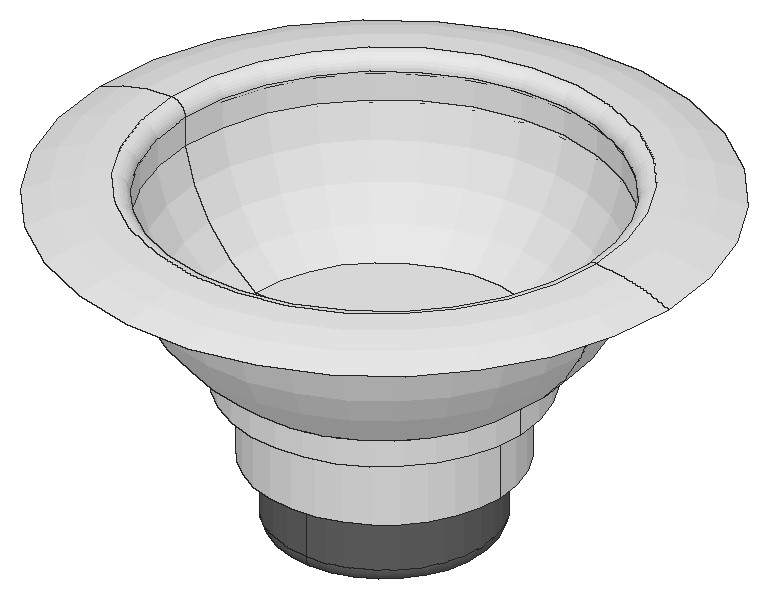
Revit family "LB4A", category Lighting Fixtures, host Face, Revit 2014
Parameters (values of type "LB4A")
  Wattage = 9 W
  Warranty = "5 Year Warranty"
  built-in parameter 1150110 = 1 (stored number, unit not read)
  Voltage = 120 V
  built-in parameter 1114217 = 1 (stored number, unit not read)
  Tilt Angle = -90.00°
  built-in parameter 1150109 = 1 (stored number, unit not read)
  built-in parameter 1150134 = (empty or 0)
  built-in parameter 1150113 = 1 (stored number, unit not read)
  Power Factor = 1
  Photometric Web File = "LB4A6L30K9_WH.ies"
  built-in parameter 1150105 = 49.632 (stored number, unit not read)
  Lumens = 623.7 lm
  built-in parameter 1150115 = 1 (stored number, unit not read)
  Load Classification = Lighting
  built-in parameter 1150137 = (empty or 0)
  built-in parameter 1150139 = (empty or 0)
  Wattage Comments = "Energy saving LED light engine with 9-watt input power"  # constant formula
  URL = "https://www.hubbell.com/prescolite/en/"
  Product Page URL = "https://www.hubbell.com/hubbelllightingci/en/Products/Lighting-Controls/Commercial-Indoor-Lighting/Recessed-Downlights/LB4-LBEB4/p/2200688"
  Product Documentation Link = "https://hubbellcdn.com/catalogpage/pre_lb4a_lbeb4a_psg.pdf"
  Model = "LB4A"  # constant formula
  Manufacturer = "Prescolite"  # constant formula
  built-in parameter 1150112 = 1 (stored number, unit not read)
  built-in parameter 1150114 = 1 (stored number, unit not read)
  Lamp = "LED"  # constant formula
  Input Wattage = 9 W
  built-in parameter 1150132 = (empty or 0)
  built-in parameter 1150102 = (empty or 0)
  built-in parameter 1150107 = 3000 (stored number, unit not read)
  built-in parameter 1150138 = (empty or 0)
  built-in parameter 1150106 = 0.49632 (stored number, unit not read)
  Glass = Hubbell-White Glass
  Emit from Circle Diameter = 3 3/4"  # constant formula
  Emit Shape Visible in Rendering = no
  built-in parameter 1150104 = 6.4382 (stored number, unit not read)
  Dimming Lamp Color Temperature Shift = <None>
  Description = "4in Fixed or Directional Downlight"  # constant formula
  Default Elevation = 48"
  Trim = Hubbell-White
  Contact us = "https://www.hubbell.com/hubbelllightingci/en/contactUs?productId=3060988"
  Color Filter = 16777215
  built-in parameter 1114218 = 1 (stored number, unit not read)
  built-in parameter 1150133 = 10 (stored number, unit not read)
  Apparent Load = Input Wattage / Power Factor  # 9 VA
Reference planes (in)
  plane 1 "Center (Front/Back)": y = 13.04941
  plane 2: z = 0
  plane 3 "Center (Left/Right)": x = 0
  plane 4: x = 2.68
  plane 5: z = -2.75
  plane 6: z = -2.14484
  plane 7: x = 1.875
  plane 8: z = 0.26455
Forms (in)
  Revolve 1, solid, material "Hubbell-White" <- "Trim"
    sketch origin (0, 13.04941, 0) x (1, 0, 0) y (0, 0, 1)
      loop
        line (2.13986, 0) -> (2.68, 0)
        arc (2.68, 0) -> (2.35127, 0.11216) -> (2.00601, 0.15) r 1.58456
        arc (2.00601, 0.15) -> (1.91337, 0.11157) -> (1.875, 0.01891) r 0.13109
        line (1.875, 0.01891) -> (1.875, -0.22)
        arc (1.875, -0.22) -> (1.64847, -0.79095) -> (1.21378, -1.22495) r 1.5142
        line (1.21378, -1.22495) -> (0, -1.22495) -> (0, -2.14484) -> (1.0931, -2.14484) -> (1.0931, -1.63478) -> (1.28232, -1.54655) -> (1.28232, -1.32948)
        arc (1.28232, -1.32948) -> (1.78742, -0.80486) -> (2.01542, -0.11321) r 1.6392
        arc (2.01542, -0.11321) -> (2.05574, -0.03254) -> (2.13986, 0) r 0.125
      axis (0, 0.15) -> (0, -2.14484)
    angle from 0 to 360
  Extrusion 2, void
    sketch origin (0, 0, 0) x (1, 0, 0) y (0, 1, 0)
      loop
        circle (0, 13.04941) r 2.25
    from 0 to -2.75
  Extrusion 3, solid, material "Hubbell-White Glass" <- "Glass"
    sketch origin (0, 0, 0) x (1, 0, 0) y (0, 1, 0)
      loop
        circle (0, 13.04941) r 1.875
    from 0 to -0.25
  Revolve 4, solid, material "Hubbell-Black"
    sketch origin (0, 0, 0) x (0, 1, 0) y (0, 0, 1)
      loop
        line (12.13318, -2.14484) -> (12.13318, -2.625)
        arc (12.13318, -2.625) -> (12.1698, -2.71339) -> (12.25818, -2.75) r 0.125
        line (12.25818, -2.75) -> (13.04941, -2.75) -> (13.04941, -2.14484) -> (12.13318, -2.14484)
      axis (13.04941, -2.14484) -> (13.04941, -2.75)
    angle from 0 to 360
Dimensions and locks (in)
  plane 2 to plane 5 = 2 3/4"
  plane 7 to plane 3 "Center (Left/Right)" = 1 7/8"
  plane 4 to plane 3 "Center (Left/Right)" = 2.68"
  plane 8 to plane 2 = 0.26455"
  aligned and locked: plane 2 to host face
  aligned and locked: level to host face
  aligned and locked: Revolve 1 sketch curve to plane 3 "Center (Left/Right)"
  aligned and locked: Revolve 1 sketch curve to level
  aligned and locked: level to Extrusion 2
  aligned and locked: Extrusion 2 to plane 5
  aligned and locked: plane 6 to Revolve 4 sketch curve
  aligned and locked: Revolve 4 sketch curve to plane 1 "Center (Front/Back)"
  aligned and locked: Revolve 4 sketch curve to plane 5
  aligned and locked: plane 6 to Revolve 1 sketch curve
  aligned and locked: plane 3 "Center (Left/Right)" to imposter light
  aligned and locked: imposter light to plane 8
Connectors (in)
  electrical at (0, 13.04941, -2.2772), driven by "Voltage", driven by "Apparent Load", driven by "Power Factor", driven by "Load Classification"
    settings: on Revolve 1, index 1, voltage 120 V, apparent load 9 VA, apparent load phase1 0 VA, apparent load phase2 0 VA, apparent load phase3 0 VA, power factor 1, load classification "Lighting", number of poles 1, system type 30, power factor state 1, is connector primary yes, connector utility no, sub classification motor no, connector description "Lighting Connector"
